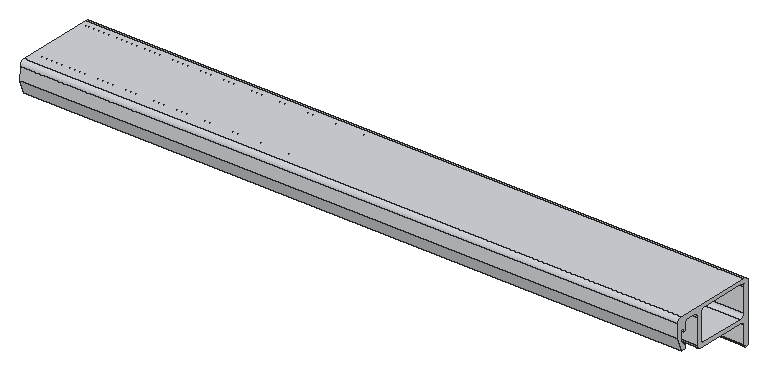
Revit family "705 Panel.pdf", category Generic Models, Revit 2026
Family settings
  Can host rebar = No
  Round Connector Dimension = Use Diameter
  Part Type = Normal
  Work Plane-Based = No
  Always vertical = Yes
  Cut with Voids When Loaded = No
  Maintain Annotation Orientation = No
  Shared = No
  Room Calculation Point = No
Parameters
  Default Elevation = 0 mm
Reference planes
  plane 1 "Center (Front/Back)": y = 0
  plane 2: z = 0
  plane 3 "Center (Left/Right)": x = 0
  plane 4: z = 300
  plane 5: z = 2684
  plane 6: x = 632
  plane 7: x = -632
Forms (mm)
  Extrusion 1, solid
    sketch origin (0, 0, 0) x (0, 1, 0) y (0, 0, 1)
      loop
        line (-2.218, 2684) -> (-31.606, 2684)
        arc (-31.606, 2684) -> (-32.895, 2683.466) -> (-33.43, 2682.176) r 1.824
        line (-33.43, 2682.176) -> (-33.43, 2677.15) -> (-31.638, 2672.482) -> (-30.429, 2672.482) -> (-30.429, 2673.958) -> (-31.261, 2674.79) -> (-31.883, 2675.867) -> (-31.883, 2679.357) -> (-30.89, 2679.357) -> (-30.89, 2678.378) -> (-30.061, 2678.378) -> (-30.061, 2681.483)
        arc (-30.061, 2681.483) -> (-29.865, 2681.955) -> (-29.394, 2682.15) r 0.667
        line (-29.394, 2682.15) -> (-25.748, 2682.15)
        arc (-25.748, 2682.15) -> (-24.493, 2681.63) -> (-23.974, 2680.376) r 1.774
        line (-23.974, 2680.376) -> (-23.974, 2670.805)
        arc (-23.974, 2670.805) -> (-23.586, 2669.868) -> (-22.649, 2669.48) r 1.325
        line (-22.649, 2669.48) -> (-3.269, 2669.48)
        arc (-3.269, 2669.48) -> (-2.429, 2669.131) -> (-2.08, 2668.29) r 1.189
        line (-2.08, 2668.29) -> (-2.08, 2661.561)
        arc (-2.08, 2661.561) -> (-1.055, 2660.536) -> (-0.031, 2661.561) r 1.025
        line (-0.031, 2661.561) -> (-0.031, 2681.813)
        arc (-0.031, 2681.813) -> (-0.671, 2683.359) -> (-2.218, 2684) r 2.187
      loop
        line (-3.626, 2682.849) -> (-21.266, 2682.849)
        arc (-21.266, 2682.849) -> (-22.357, 2682.397) -> (-22.809, 2681.306) r 1.543
        line (-22.809, 2681.306) -> (-22.809, 2672.418)
        arc (-22.809, 2672.418) -> (-22.303, 2671.197) -> (-21.082, 2670.691) r 1.727
        line (-21.082, 2670.691) -> (-3.579, 2670.691)
        arc (-3.579, 2670.691) -> (-2.519, 2671.13) -> (-2.08, 2672.19) r 1.499
        line (-2.08, 2672.19) -> (-2.08, 2681.303)
        arc (-2.08, 2681.303) -> (-2.533, 2682.396) -> (-3.626, 2682.849) r 1.545
    from 0 to 250
Dimensions and locks
  plane 6 to plane 3 "Center (Left/Right)" = 632 mm
  plane 4 to level = 300 mm
  plane 5 to plane 4 = 2384 mm
  aligned and locked: plane 2 to level
